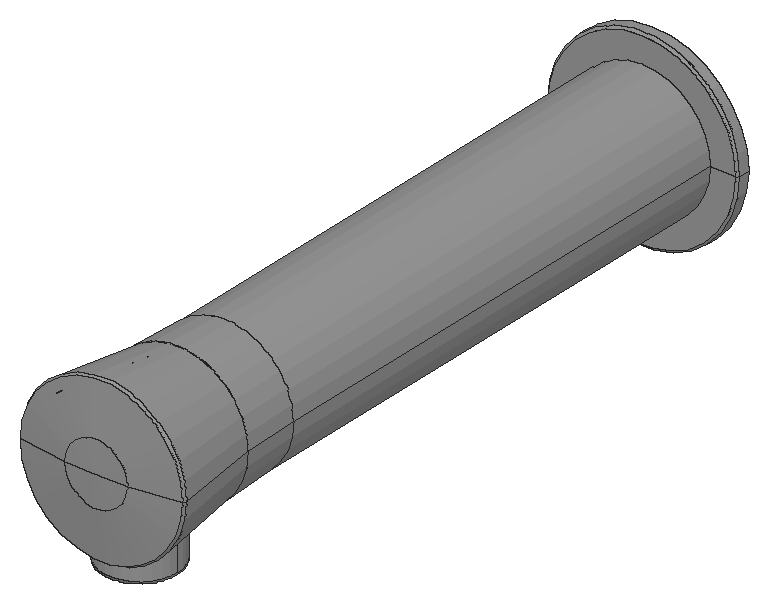
Revit family "PRE070006-FR", category Appareils sanitaires, Revit 2017
Family settings
  Cote de connecteur circulaire = Utiliser le diamètre
  Type d'élément = Normal
  Basée sur le plan de construction = Non
  Toujours verticalement = Oui
  Couper avec des vides une fois chargée = Non
  Partagée = Non
  Point de calcul de pièce = Non
Parameters (values of type "57040 PRESTO NEO Sensor mural secteur")
  Variantes = "57036 - 57040 - 57044 - 57048"
  URL Fabricant = "http://www.prestodatashare.com/centretelechargement/index.php?lang=FR&refs=57040"
  Raccordement = "G 1/2'' (15x21) - eau froide ou pre-mixé"
  Profondeur = 163 mm
  Pression = "1 à 5 bars"
  Perte de charge = 0.0 Pa
  Matériau = Laiton poli chromé
  Lien notice d'utilisation = "http://www.prestodatashare.com/centretelechargement/support.php?lang=FR&ref=57040"
  Lien fiche produit = "http://www.prestodatashare.com/espacedoc/Fiches_Techniques/FR/57040.pdf"
  Lien CCTP = "http://www.prestodatashare.com/centretelechargement/index.php?lang=FR&refs=57040"
  Largeur = 43 mm
  LC = 10 mm
  URL = "http://www.prestodatashare.com/centretelechargement/index.php?lang=FR&refs=57040"
  Reference = "57040"
  Polantis code = "PRE07000-a"
  Modèle = "57040 PRESTO NEO Sensor mural secteur"
  PC = 25 mm
  Hauteur = 43 mm
  Garantie = "3 ans"
  Fonction = "Débit :\n- Jet douchette régulé 1.9l/min\n- Aérateur anti-tartre haute qualité\n- Dispositif anti-coup de bélier\n\nAlimentation hydraulique :\n- G 1/2'' (15x21) - eau froide ou pre-mixé\n\nAlimentation électrique :\n- Alimentation électrique basse tension (12-24V AC/DC) dans boîtier externe IP65 étanche (transformateur 230V AC / 12-24V AC non fourni)\n\nMatière et couleur de finition :\n- Corps en métal moulé injecté chromé\n\nRésistance thermique :\n- Résiste à une température de 75°C durant 30 minutes dans le cadre de chocs thermiques\n\nSécurité :\n- Fermeture automatique de l'électrovanne en cas d'écoulement > à 30s, d'usure de la pile ou de dégradation du détecteur\n- Ecoulement automatique de 45 secondes, 24 heures après la dernière utilisation (durée et intervalle réglables)\n- Alerte batterie faible (led clignotante)\n\nLivré avec :\n- 1 Ecrou de fixation\n- 1 Joint et 1 rondelle\n- 1 Electrovanne externe\n- 1 Alimentation (pile et boitier etanche)\n- 1 Joints filtre\n\nNormes / Agréments :\n- Laiton conforme aux normes NF EN1982, EN12164, NF EN12165\n- Résistant au brouillard salin 200 H (essai NSS) conformément à la norme NF ISO 9227"
  Flux = 0.1 L/s
  Finition = "Matière et couleur de finition :\n- Corps en métal moulé injecté chromé"
  Fabricant = "LES ROBINETS PRESTO S.A."
  Diamètre Nominal = 15 mm
  Description = "Robinet electronique mural à détection infrarouge sur plage. Avec cellule optoélectronique, alimentation basse tension  (12-24V AC/DC) dans boîtier externe IP65 étanche (transformateur 230V AC / 12-24V AC non fourni) . Électrovanne externe"
  Debit = "1.9L/min"
  Adresse = "7, RUE RACINE - 92542 MONTROUGE CEDEX FRANCE"
Types (4, lengths in mm): name | URL Fabricant | Lien notice d'utilisation | Lien fiche produit | Lien CCTP | URL | Reference | Polantis code | Modèle | Fonction | Finition | Description
  57040 PRESTO NEO Sensor mural secteur | "http://www.prestodatashare.com/centretelechargement/index.php?lang=FR&refs=57040" | "http://www.prestodatashare.com/centretelechargement/support.php?lang=FR&ref=57040" | "http://www.prestodatashare.com/espacedoc/Fiches_Techniques/FR/57040.pdf" | "http://www.prestodatashare.com/centretelechargement/index.php?lang=FR&refs=57040" | "http://www.prestodatashare.com/centretelechargement/index.php?lang=FR&refs=57040" | "57040" | "PRE07000-a" | "57040 PRESTO NEO Sensor mural secteur" | "Débit :\n- Jet douchette régulé 1.9l/min\n- Aérateur anti-tartre haute qualité\n- Dispositif anti-coup de bélier\n\nAlimentation hydraulique :\n- G 1/2'' (15x21) - eau froide ou pre-mixé\n\nAlimentation électrique :\n- Alimentation électrique basse tension (12-24V AC/DC) dans boîtier externe IP65 étanche (transformateur 230V AC / 12-24V AC non fourni)\n\nMatière et couleur de finition :\n- Corps en métal moulé injecté chromé\n\nRésistance thermique :\n- Résiste à une température de 75°C durant 30 minutes dans le cadre de chocs thermiques\n\nSécurité :\n- Fermeture automatique de l'électrovanne en cas d'écoulement > à 30s, d'usure de la pile ou de dégradation du détecteur\n- Ecoulement automatique de 45 secondes, 24 heures après la dernière utilisation (durée et intervalle réglables)\n- Alerte batterie faible (led clignotante)\n\nLivré avec :\n- 1 Ecrou de fixation\n- 1 Joint et 1 rondelle\n- 1 Electrovanne externe\n- 1 Alimentation (pile et boitier etanche)\n- 1 Joints filtre\n\nNormes / Agréments :\n- Laiton conforme aux normes NF EN1982, EN12164, NF EN12165\n- Résistant au brouillard salin 200 H (essai NSS) conformément à la norme NF ISO 9227" | "Matière et couleur de finition :\n- Corps en métal moulé injecté chromé" | "Robinet electronique mural à détection infrarouge sur plage. Avec cellule optoélectronique, alimentation basse tension  (12-24V AC/DC) dans boîtier externe IP65 étanche (transformateur 230V AC / 12-24V AC non fourni) . Électrovanne externe"
  57044 PRESTO NEO Sensor Noir Mat mural pile | "http://www.prestodatashare.com/centretelechargement/index.php?lang=FR&refs=57044" | "http://www.prestodatashare.com/centretelechargement/support.php?lang=FR&ref=57044" | "http://www.prestodatashare.com/espacedoc/Fiches_Techniques/FR/57044.pdf" | "http://www.prestodatashare.com/centretelechargement/index.php?lang=FR&refs=57044" | "http://www.prestodatashare.com/centretelechargement/index.php?lang=FR&refs=57044" | "57044" | "PRE07000-b" | "57044 PRESTO NEO Sensor Noir Mat mural pile" | "Débit :\n- Jet douchette régulé 1.9l/min\n- Aérateur anti-tartre haute qualité\n- Dispositif anti-coup de bélier\n\nAlimentation hydraulique :\n- G 1/2'' (15x21) - eau froide ou pre-mixé\n\nAlimentation électrique :\n- Pile lithium 6 volts type CRP2 dans boîtier externe IP65 étanche\n\nMatière et couleur de finition :\n- Corps en métal moulé injecté\n- Finition du corps noir mat\n\nRésistance thermique :\n- Résiste à une température de 75°C durant 30 minutes dans le cadre de chocs thermiques\n\nSécurité :\n- Fermeture automatique de l'électrovanne en cas d'écoulement > à 30s, d'usure de la pile ou de dégradation du détecteur\n- Ecoulement automatique de 45 secondes, 24 heures après la dernière utilisation (durée et intervalle réglables)\n- Alerte batterie faible (led clignotante)\n\nLivré avec :\n- 1 Ecrou de fixation\n- 1 Joint et 1 rondelle\n- 1 Electrovanne externe\n- 1 Alimentation (pile et boitier etanche)\n- 1 Joints filtre\n\nNormes / Agréments :\n- Laiton conforme aux normes NF EN1982, EN12164, NF EN12165\n- Résistant au brouillard salin 200 H (essai NSS) conformément à la norme NF ISO 9227" | "Matière et couleur de finition :\n- Corps en métal moulé injecté\n- Finition du corps noir mat" | "Robinet electronique mural à détection infrarouge sur plage. Avec cellule optoélectronique, alimentation par pile lithium 6 V externe. Électrovanne externe"
  57036 PRESTO NEO Sensor mural pile | "http://www.prestodatashare.com/centretelechargement/index.php?lang=FR&refs=57036" | "http://www.prestodatashare.com/centretelechargement/support.php?lang=FR&ref=57036" | "http://www.prestodatashare.com/espacedoc/Fiches_Techniques/FR/57036.pdf" | "http://www.prestodatashare.com/centretelechargement/index.php?lang=FR&refs=57036" | "http://www.prestodatashare.com/centretelechargement/index.php?lang=FR&refs=57036" | "57036" | "PRE07000-" | "57036 PRESTO NEO Sensor mural pile" | "Débit :\n- Jet douchette régulé 1.9l/min\n- Aérateur anti-tartre haute qualité\n- Dispositif anti-coup de bélier\n\nAlimentation hydraulique :\n- G 1/2'' (15x21) - eau froide ou pre-mixé\n\nAlimentation électrique :\n- Pile lithium 6 volts type CRP2 dans boîtier externe IP65 étanche\n\nMatière et couleur de finition :\n- Corps en métal moulé injecté chromé\n\nRésistance thermique :\n- Résiste à une température de 75°C durant 30 minutes dans le cadre de chocs thermiques\n\nSécurité :\n- Fermeture automatique de l'électrovanne en cas d'écoulement > à 30s, d'usure de la pile ou de dégradation du détecteur\n- Ecoulement automatique de 45 secondes, 24 heures après la dernière utilisation (durée et intervalle réglables)\n- Alerte batterie faible (led clignotante)\n\nLivré avec :\n- 1 Ecrou de fixation\n- 1 Joint et 1 rondelle\n- 1 Electrovanne externe\n- 1 Alimentation (pile et boitier etanche)\n- 1 Joints filtre\n\nNormes / Agréments :\n- Laiton conforme aux normes NF EN1982, EN12164, NF EN12165\n- Résistant au brouillard salin 200 H (essai NSS) conformément à la norme NF ISO 9227" | "Matière et couleur de finition :\n- Corps en métal moulé injecté chromé" | "Robinet electronique mural à détection infrarouge sur plage. Avec cellule optoélectronique, alimentation par pile lithium 6 V externe. Électrovanne externe"
  57048 PRESTO NEO Sensor Noir Mat mural secteur | "http://www.prestodatashare.com/centretelechargement/index.php?lang=FR&refs=57048" | "http://www.prestodatashare.com/centretelechargement/support.php?lang=FR&ref=57048" | "http://www.prestodatashare.com/espacedoc/Fiches_Techniques/FR/57048.pdf" | "http://www.prestodatashare.com/centretelechargement/index.php?lang=FR&refs=57048" | "http://www.prestodatashare.com/centretelechargement/index.php?lang=FR&refs=57048" | "57048" | "PRE07000-c" | "57048 PRESTO NEO Sensor Noir Mat mural secteur" | "Débit :\n- Jet douchette régulé 1.9l/min\n- Aérateur anti-tartre haute qualité\n- Dispositif anti-coup de bélier\n\nAlimentation hydraulique :\n- G 1/2'' (15x21) - eau froide ou pre-mixé\n\nAlimentation électrique :\n- Alimentation électrique basse tension (12-24V AC/DC) dans boîtier externe IP65 étanche (transformateur 230V AC / 12-24V AC non fourni)\n\nMatière et couleur de finition :\n- Corps en métal moulé injecté\n- Finition du corps noir mat\nRésistance thermique :\n- Résiste à une température de 75°C durant 30 minutes dans le cadre de chocs thermiques\n\nSécurité :\n- Fermeture automatique de l'électrovanne en cas d'écoulement > à 30s, d'usure de la pile ou de dégradation du détecteur\n- Ecoulement automatique de 45 secondes, 24 heures après la dernière utilisation (durée et intervalle réglables)\n- Alerte batterie faible (led clignotante)\n\nLivré avec :\n- 1 Ecrou de fixation\n- 1 Joint et 1 rondelle\n- 1 Electrovanne externe\n- 1 Alimentation (pile et boitier etanche)\n- 1 Joints filtre\n\nNormes / Agréments :\n- Laiton conforme aux normes NF EN1982, EN12164, NF EN12165\n- Résistant au brouillard salin 200 H (essai NSS) conformément à la norme NF ISO 9227" | "Matière et couleur de finition :\n- Corps en métal moulé injecté\n- Finition du corps noir mat" | "Robinet electronique mural à détection infrarouge sur plage. Avec cellule optoélectronique, alimentation basse tension  (12-24V AC/DC) dans boîtier externe IP65 étanche (transformateur 230V AC / 12-24V AC non fourni) . Électrovanne externe"
Reference planes
  plane 1 "Centre (avant/arrière)": y = 0
  plane 2: z = 0
  plane 3 "Centre (gauche/droite)": x = 0
  plane 4: y = -163
  plane 5: x = 43
  plane 6: z = 43
  plane 7: x = 21.5
  plane 8: z = 1
  plane 9: y = -1
  plane 10: x = 10
  plane 11: x = 33
  plane 12: z = 21.5
Forms (mm)
  Extrusion 1, solid, material "Laiton poli chromé" <- "Matériau", detail levels medium
    sketch origin (0, 0, 0) x (1, 0, 0) y (0, 1, 0)
      loop
        line (0, 0) -> (0, -163) -> (43, -163) -> (43, 0) -> (0, 0)
    from 0 to 43
  Extrusion 2, solid, material "Laiton poli chromé" <- "Matériau", detail levels medium
    sketch origin (0, 0, 0) x (1, 0, 0) y (0, 0, 1)
      loop
        circle (10, 21.5) r 2
      loop
        circle (33, 21.5) r 2
    from 1 to 0
Cuts and joins
  joined: Extrusion 1, Extrusion 2
Dimensions and locks
  "Profondeur": plane 1 "Centre (avant/arrière)" to plane 4
  "Largeur": plane 3 "Centre (gauche/droite)" to plane 5
  "Hauteur": plane 6 to level
  equal spacing: plane 3 "Centre (gauche/droite)", plane 7, plane 5
  locked: plane 8 to plane 2 at 1
  locked: plane 1 "Centre (avant/arrière)" to plane 9 at 1
  "LC": plane 3 "Centre (gauche/droite)" to plane 10
  "LC": plane 11 to plane 5
  equal spacing: plane 6, plane 12, level
  aligned and locked: level to plane 2
  aligned and locked: plane 1 "Centre (avant/arrière)" to Extrusion 1 sketch curve
  aligned and locked: plane 3 "Centre (gauche/droite)" to Extrusion 1 sketch curve
  aligned and locked: plane 4 to Extrusion 1 sketch curve
  aligned and locked: plane 5 to Extrusion 1 sketch curve
  aligned and locked: plane 6 to Extrusion 1
  aligned and locked: nested 2 to plane 3 "Centre (gauche/droite)"
  aligned and locked: nested 2 to plane 4
  aligned and locked: nested 3 to plane 7
  aligned and locked: plane 1 "Centre (avant/arrière)" to nested 3
  aligned and locked: nested 3 to plane 12
  aligned and locked: cut or joined group of Extrusion 1, Extrusion 2 to plane 9
  aligned and locked: cut or joined group of Extrusion 1, Extrusion 2 to plane 1 "Centre (avant/arrière)"
Automatic sketch dimensions
  plane 10 to Extrusion 2 sketch curve = 0 mm
  Extrusion 2 sketch curve to plane 11 = 0 mm
  Extrusion 2 sketch curve to plane 12 = 0 mm  (x2)
  radius of Extrusion 2 sketch curve = 2 mm  (x2)
Nested families
  nested 1: "SymboliqueA6" at (0, -163, 21.5) x (0, 0, -1) z (0, 1, 0), type "SymboliqueA6", detail levels coarse
  nested 2: "S2DA6" at (43, -81.5, 0) x (0, 1, 0) z (0, 0, 1), type "S2DA6", detail levels coarse+medium
  nested 3: "PRE0706" at (21.5, -23.669, -2.261) x (0, 1, 0) z (0, 0, 1), type "PRE0706", detail levels fine
Connectors
  piping at (33, 0, 21.5), diameter 15, driven by "Diamètre Nominal", driven by "Flux", driven by "Perte de charge"
    settings: on cut or joined group of Extrusion 1, Extrusion 2, index 1, connector inside diameter 609.6 mm, connector length 0 mm, flow factor 0, pipe flow 0.1 L/s, pressure drop 0.0 Pa, fitting loss kfactor 0, connector angle 0.00°, fixture units 0, engagement length 0 mm, angle of deflection 0.00°, flow configuration 0, flow direction 1, fitting loss method 4, system type 20, joint type 0, gender type 0, connector reference index -1, connector utility 0, adjustable connector no, is connector primary yes, connector description ""
  piping at (10, 0, 21.5), diameter 15, driven by "Diamètre Nominal", driven by "Flux", driven by "Perte de charge"
    settings: on cut or joined group of Extrusion 1, Extrusion 2, index 2, connector inside diameter 609.6 mm, connector length 0 mm, flow factor 0, pipe flow 0.1 L/s, pressure drop 0.0 Pa, fitting loss kfactor 0, connector angle 0.00°, fixture units 0, engagement length 0 mm, angle of deflection 0.00°, flow configuration 0, flow direction 1, fitting loss method 4, system type 19, joint type 0, gender type 0, connector reference index -1, connector utility 0, adjustable connector no, is connector primary no, connector description ""
Definition of nested family "PRE0706"
  Parameters (values of type "PRE0706")
    Polantis code = "PRE070006"
    Perte de charge sortie = 0.0 Pa
    Perte de charge entrée = 0.0 Pa
    Material 1 = none
    Débit sortie = 0.0 L/s
    Débit entrée = 0.0 L/s
    Diamètre sortie = 40 mm
    Diamètre entrée = 10 mm
  Reference planes
    plane 1 "Center (Front/Back)": y = 0
    plane 2: z = 0
    plane 3 "Center (Left/Right)": x = 0
    plane 4: x = 23.669
    plane 5: z = 1.195
    plane 6: z = 23.761
  Forms (mm)
    Revolve 1, solid, material <- "Material 1"
      sketch origin (0, 0.6, 23.761) x (1, 0, 0) y (0, 1, 0)
        loop
          arc (-139.088, 6.693) -> (-139.273, 3.049) -> (-139.343, -0.6) r 115.307
          line (-139.343, -0.6) -> (-137.014, -0.6) -> (-137.014, 15.87) -> (-115.331, 13.009) -> (-115.331, 15.934) -> (-136.897, 18.779) -> (-137.596, 18.407)
          arc (-137.596, 18.407) -> (-138.518, 12.573) -> (-139.088, 6.693) r 98.277
        axis (-115.331, -0.6) -> (-139.343, -0.6)
      angle from 0 to 360
    Revolve 2, solid, material <- "Material 1"
      sketch origin (-126.366, 0.564, 23.761) x (0, 1, 0) y (0, 0, 1)
        loop
          line (7.65, -9.25) -> (-0.6, -9.25) -> (-0.6, -19.7) -> (6.85, -19.7) -> (6.85, -23.761) -> (7.717, -23.761)
          arc (7.717, -23.761) -> (8.165, -23.576) -> (8.35, -23.129) r 0.633
          line (8.35, -23.129) -> (8.35, -13.75) -> (7.3, -13.75) -> (7.3, -12.751) -> (8.302, -12.751) -> (8.302, -10.702) -> (7.65, -10.05) -> (7.65, -9.25)
        axis (-0.6, -9.25) -> (-0.6, -23.761)
      angle from 0 to 360
    Revolve 3, solid, material <- "Material 1"
      sketch origin (-126.329, 0.575, 23.761) x (0, 1, 0) y (0, 0, 1)
        loop
          line (5.85, -23.2) -> (5.85, -19.7) -> (-0.6, -19.7) -> (-0.6, -21.199) -> (5.289, -21.199) -> (5.289, -23.761) -> (5.85, -23.2)
        axis (-0.6, -19.7) -> (-0.6, -23.761)
      angle from 0 to 360
    Extrusion 4, solid, material <- "Material 1"
      sketch origin (0, 0.6, -38.144) x (1, 0, 0) y (0, 1, 0)
        loop
          circle (-126.329, -0.625) r 5.889
        loop
          circle (-126.331, 3.9) r 1
        loop
          circle (-124.082, 3.297) r 1
        loop
          circle (-122.433, 1.648) r 1
        loop
          circle (-121.831, -0.597) r 1
        loop
          circle (-122.435, -2.85) r 1
        loop
          circle (-124.081, -4.496) r 1
        loop
          circle (-126.331, -5.099) r 1
        loop
          circle (-128.577, -4.497) r 1
        loop
          circle (-130.227, -2.847) r 1
        loop
          circle (-130.831, -0.599) r 1
        loop
          circle (-130.228, 1.651) r 1
        loop
          circle (-128.582, 3.297) r 1
      from 38.144 to 42.205
    Revolve 5, solid, material <- "Material 1"
      sketch origin (0, 0.543, 23.761) x (1, 0, 0) y (0, 1, 0)
        loop
          line (20.673, 12.57) -> (23.669, 9.393) -> (23.669, 21.957) -> (21.23, 21.957) -> (20.673, 21.401) -> (20.673, 12.57)
        axis (23.669, -0.6) -> (20.673, -0.6)
      angle from 0 to 360
    Revolve 6, solid, material <- "Material 1"
      sketch origin (0, 0.588, 23.761) x (1, 0, 0) y (0, 1, 0)
        loop
          line (-115.331, 15.934) -> (-115.331, 13.01)
          arc (-115.331, 13.01) -> (-108.352, 12.454) -> (-101.351, 12.549) r 75.205
          line (-101.351, 12.549) -> (20.673, 12.549) -> (20.673, 15.449) -> (-101.439, 15.449)
          arc (-101.439, 15.449) -> (-108.397, 15.357) -> (-115.331, 15.934) r 72.305
        axis (20.673, -0.6) -> (-115.331, -0.6)
      angle from 0 to 360
    Extrusion 7, void
      sketch origin (-35.949, 0, 11.601) x (1, 0, 0) y (0, 1, 0)
        loop
          arc (-55.033, 6.237) -> (-61.326, -0.056) -> (-55.033, -6.349) r 6.293
          line (-55.033, -6.349) -> (-45.033, -6.349)
          arc (-45.033, -6.349) -> (-38.74, -0.056) -> (-45.033, 6.237) r 6.293
          line (-45.033, 6.237) -> (-55.033, 6.237)
      from -5.881 to 6.949
    Extrusion 8, solid, material <- "Material 1"
      sketch origin (0, 0, 11.601) x (1, 0, 0) y (0, 1, 0)
        loop
          line (-80.982, 6.237) -> (-90.982, 6.237)
          arc (-90.982, 6.237) -> (-97.275, -0.056) -> (-90.982, -6.349) r 6.293
          line (-90.982, -6.349) -> (-80.982, -6.349)
          arc (-80.982, -6.349) -> (-74.689, -0.056) -> (-80.982, 6.237) r 6.293
      from -2.15 to 4.354
    Extrusion 9, solid, material <- "Material 1"
      sketch origin (0, 0, 11.601) x (1, 0, 0) y (0, 1, 0)
        loop
          circle (-81.318, 0.013) r 3.973
      from -2.952 to -1.018
    Extrusion 10, void
      sketch origin (0, 0, 11.601) x (1, 0, 0) y (0, 1, 0)
        loop
          circle (-108.372, 0) r 4.17
      from -0.132 to -4.515
    Revolve 11, solid, material <- "Material 1"
      sketch origin (0, 0, 11.601) x (1, 0, 0) y (0, 0, 1)
        loop
          line (-112.443, -1.139) -> (-112.443, -3.789) -> (-109.581, -3.789) -> (-109.581, -2.511) -> (-108.325, -2.511) -> (-108.325, -1.139) -> (-112.443, -1.139)
        axis (-108.325, -1.139) -> (-108.325, -3.789)
      angle from 0 to 360
    Extrusion 12, void
      sketch origin (115.122, 0, 11.601) x (1, 0, 0) y (0, 1, 0)
        loop
          circle (-108.372, 0) r 4.17
      from -0.132 to -4.515
    Revolve 13, solid, material <- "Material 1"
      sketch origin (115.071, 0, 11.613) x (1, 0, 0) y (0, 0, 1)
        loop
          line (-112.443, -1.139) -> (-112.443, -3.789) -> (-109.581, -3.789) -> (-109.581, -2.511) -> (-108.325, -2.511) -> (-108.325, -1.139) -> (-112.443, -1.139)
        axis (-108.325, -1.139) -> (-108.325, -3.789)
      angle from 0 to 360
  Cuts and joins
    Extrusion 7, Extrusion 10, Extrusion 12 cuts Revolve 6
Definition of nested family "SymboliqueA6"
  Parameters (values of type "SymboliqueA6")
    V = yes
    P = 1000 mm
    L = 1000 mm
    H = 1000 mm
  Reference planes
    plane 1 "Centre (avant/arrière)": y = 0
    plane 2: z = 0
    plane 3 "Centre (gauche/droite)": x = 0
    plane 4: y = -1000
    plane 5: x = -500
    plane 6: x = 500
    plane 7: z = 1000
    plane 8: z = 500
    plane 9: y = -500
  Lines and regions (mm)
    model lines
      curve 1: line (0, -1000, 1000) -> (0, 0, 0)
      curve 2: line (0, 0, 0) -> (0, -1000, 0)
      curve 3: line (0, -1000, 0) -> (0, 0, 1000)
      curve 4: line (0, 0, 1000) -> (0, -1000, 1000)
  Dimensions and locks
    "H": plane 7 to plane 2
    equal spacing: plane 5, plane 3 "Centre (gauche/droite)", plane 6
    "L": plane 5 to plane 6
    equal spacing: plane 7, plane 8, level
    equal spacing: plane 4, plane 9, plane 1 "Centre (avant/arrière)"
    "P": plane 1 "Centre (avant/arrière)" to plane 4
    aligned and locked: level to plane 2
  Automatic sketch dimensions
    curve 3 to level = 0 mm
    curve 1 to plane 1 "Centre (avant/arrière)" = 0 mm
    curve 1 to plane 7 = 0 mm
    curve 3 to plane 4 = 0 mm
    curve 3 to plane 1 "Centre (avant/arrière)" = 0 mm
    curve 4 to plane 4 = 0 mm
Definition of nested family "S2DA6"
  Parameters (values of type "S2DA6")
    P = 788.322 mm
    L = 1600 mm
    H = 1250.021 mm
  Reference planes
    plane 1 "Centre (avant/arrière)": y = 0
    plane 2: z = 0
    plane 3 "Centre (gauche/droite)": x = 0
    plane 4: y = 788.322
    plane 5: x = -800
    plane 6: x = 800
    plane 7: y = 394.161
    plane 8: z = 1250.021
    plane 9: z = 625.01
  Lines and regions (mm)
    symbolic lines
      curve 1: line (-800, 788.322, 0) -> (800, 0, 0)
      curve 2: line (800, 0, 0) -> (800, 788.322, 0)
      curve 3: line (800, 788.322, 0) -> (-800, 0, 0)
      curve 4: line (-800, 0, 0) -> (-800, 788.322, 0)
      curve 5: line (800, 0, 1250.021) -> (-800, 0, 1250.021)
      curve 6: line (-800, 0, 1250.021) -> (800, 0, 0)
      curve 7: line (800, 0, 0) -> (-800, 0, 0)
      curve 8: line (800, 0, 1250.021) -> (-800, 0, 0)
      curve 9: line (0, 788.322, 0) -> (0, 0, 1250.021)
      curve 10: line (0, 0, 1250.021) -> (0, 788.322, 1250.021)
      curve 11: line (0, 788.322, 1250.021) -> (0, 0, 0)
      curve 12: line (0, 0, 0) -> (0, 788.322, 0)
  Dimensions and locks
    equal spacing: plane 5, plane 3 "Centre (gauche/droite)", plane 6
    equal spacing: plane 1 "Centre (avant/arrière)", plane 7, plane 4
    "P": plane 1 "Centre (avant/arrière)" to plane 4
    "L": plane 5 to plane 6
    equal spacing: plane 8, plane 9, level
    "H": plane 8 to plane 2
    aligned and locked: level to plane 2
  Automatic sketch dimensions
    plane 1 "Centre (avant/arrière)" to curve 3 = 0 mm
    curve 1 to plane 4 = 0 mm
    curve 3 to plane 4 = 0 mm
    plane 1 "Centre (avant/arrière)" to curve 2 = 0 mm
    curve 3 to plane 6 = 0 mm
    curve 4 to plane 5 = 0 mm
    curve 10 to plane 1 "Centre (avant/arrière)" = 0 mm
    curve 10 to plane 8 = 0 mm
    curve 11 to plane 4 = 0 mm
    curve 12 to level = 0 mm
    curve 12 to plane 1 "Centre (avant/arrière)" = 0 mm
    curve 12 to plane 4 = 0 mm
    plane 5 to curve 5 = 0 mm
    curve 8 to level = 0 mm
    plane 5 to curve 8 = 0 mm
    plane 6 to curve 7 = 0 mm
    plane 6 to curve 8 = 0 mm
    curve 6 to plane 8 = 0 mm
